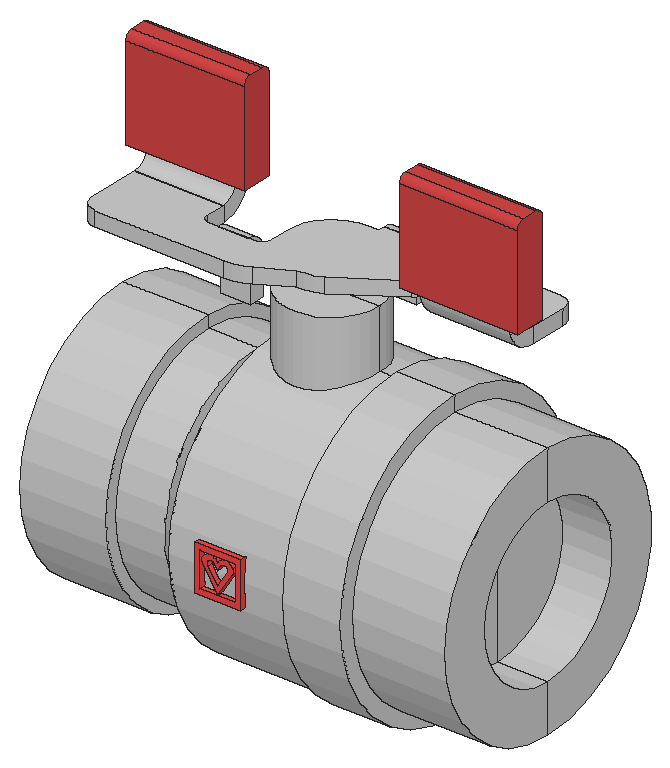
Revit family "HERZ Ball valve with T-handle (sheet steel) 2201", category Rohrzubehör, Revit 2020
Family settings
  Bemaßung runder Anschluss = Durchmesser verwenden
  Teiletyp = Unterbricht
  OmniClass-Nummer = 23.65.55.14
  OmniClass-Titel = Valves for Liquid Services
  Arbeitsebenenbasiert = Nein
  Immer vertikal = Ja
  Beim Laden mit Abzugskörper schneiden = Nein
  Gemeinsam genutzt = Nein
Parameters
  Weight [instance] = if(Nennweite = 15 mm, 0.17, if(Nennweite = 20 mm, 0.246, if(Nennweite = 25 mm, 0.458, if(Nennweite = 32 mm, 0.712, 0))))  # 0.712
  Vorgabe-Ansicht = 0 mm
  Spindle seals = "PTFE"  # constant formula
  Spindle = "machined brass according to EN 12164, CW614N"  # constant formula
  Part number [instance] = size_lookup("2201_3X_", "Artnr", 0, Nennweite)  # 1220134
  Min. operating temperature (water) = 0.5 °C  # constant formula
  Min. operating temperature = -30 °C  # constant formula
  Medium = "Heating water quality according to ÖNORM H5195 or VDI-Standard 2035.\r\nThe use of ethylene or propylene glycol in a mixing ratio 25- 50% is allowed."
  Max. operating temperature (water - no steam) = 110 °C  # constant formula
  Max. operating pressure (screw connection) = 1600000.0 Pa  # constant formula
  W01 = 135.00°  # constant formula
  URL = "www.herzvalves.com"
  SCRNSEQ = "ARM;ARM_TYP=\"ABVS\";2"
  SCRNCODE = "05;10;02"  # constant formula
  S02 [instance] = 2 * D01  # 51 mm
  S01 [instance] = L01 + L02 + L06  # 84.5 mm
  R01 [instance] = size_lookup("2201_3X_", "R1", 1 mm, Nennweite)  # 9.5 mm
  Nennweite [instance] = 32 mm
  Max. operating temperature = 150 °C  # constant formula
  Max. operating pressure = 2500000.0 Pa  # constant formula
  L06 [instance] = size_lookup("2201_3X_", "L6", 1 mm, Nennweite)  # 18.5 mm
  L05 [instance] = size_lookup("2201_3X_", "L5", 1 mm, Nennweite)  # 34.8 mm
  L04 [instance] = size_lookup("2201_3X_", "L4", 1 mm, Nennweite)  # 11.5 mm
  L03 [instance] = size_lookup("2201_3X_", "L3", 1 mm, Nennweite)  # 17 mm
  L02 [instance] = size_lookup("2201_3X_", "L2", 1 mm, Nennweite)  # 24.5 mm
  L01 [instance] = size_lookup("2201_3X_", "L1", 1 mm, Nennweite)  # 41.5 mm
  Internal threaded connectors = "according to ISO 228-1"  # constant formula
  IG [instance] = Nennweite / 2  # 16 mm
  Hersteller = "HERZ Armaturen Ges.m.b.H"  # constant formula
  Handle = "T-handle, red, sheet steel - plated"  # constant formula
  H01 [instance] = size_lookup("2201_3X_", "H1", 1 mm, Nennweite)  # 39 mm
  GT1 [instance] = size_lookup("2201_3X_", "GT1", 1 mm, Nennweite)  # 10 mm
  GT [instance] = size_lookup("2201_3X_", "GT", 1 mm, Nennweite)  # 16 mm
  Field of application = "HERZ ball valves have to be used as shut off elements.\r\nField of application are building services, such as heating or chilled water plants.\r\nBall valves are used wherever the medium flow has to be reliably closed.\r\nBall valve should not be used as regulating element so it has to be fully opened or fully closed (the handle should not be in intermediate position)."
  DN25-DN32 [instance] = if(Nennweite = 25 mm, 38 mm, 43 mm)  # 43 mm
  DN25+DN32 [instance] = or(Nennweite = 25 mm, Nennweite = 32 mm)  # yes
  DN15-DN20 [instance] = if(Nennweite = 15 mm, 28 mm, 31 mm)  # 31 mm
  DN15+DN20 [instance] = or(Nennweite = 15 mm, Nennweite = 20 mm)  # no
  D05 [instance] = size_lookup("2201_3X_", "D5", 1 mm, Nennweite)  # 25.55 mm
  D04 [instance] = size_lookup("2201_3X_", "D4", 1 mm, Nennweite)  # 27.5 mm
  D03 [instance] = size_lookup("2201_3X_", "D3", 1 mm, Nennweite)  # 28.5 mm
  D02 [instance] = size_lookup("2201_3X_", "D2", 1 mm, Nennweite)  # 23.2 mm
  D01 [instance] = size_lookup("2201_3X_", "D1", 1 mm, Nennweite)  # 25.5 mm
  Body = "forged brass according to EN 12165, nickel plated, CW617N"  # constant formula
  Ball seals = "PTFE"  # constant formula
  Ball = "forged brass according to EN 12165, hollow, full bore, hard chrome plated, CW617N"  # constant formula
  Application = "HERZ ball valve MODUL is designed for building services such as heating and chilled water plants.\r\nThe operating conditions (temperature, pressure) should be constant."
Reference planes
  plane 1 "Mitte (Vorne/hinten)": y = 0
  plane 2: z = 0
  plane 3 "Mitte (Links/rechts)": x = 0
Forms (mm)
  Revolve 1, solid, material "Messing, vernickelt", detail levels fine
    sketch origin (0, 0, 0) x (1, 0, 0) y (0, 0, 1)
      loop
        line (24.5, 25.55) -> (24.5, 28.5) -> (13, 28.5) -> (13, 27.5) -> (-10.3, 27.5) -> (-14.6, 23.2) -> (-24.5, 23.2) -> (-24.5, 25.5) -> (-41.5, 25.5) -> (-41.5, 16) -> (-25.5, 16) -> (-25.5, 0) -> (33, 0) -> (33, 16) -> (43, 16) -> (43, 25.55) -> (24.5, 25.55)
      axis (-41.5, 0) -> (43, 0)
    angle from 0 to 360
  Revolve 2, solid, material "Messing, vernickelt", detail levels fine
    sketch origin (0, 0, 0) x (1, 0, 0) y (0, 0, 1)
      loop
        line (0, 0) -> (5.522, 0) -> (5.522, 8.202) -> (9.5, 8.202) -> (9.5, 39) -> (0, 39) -> (0, 0)
      axis (0, 39) -> (0, 0)
    angle from 0 to 360
Lines and regions (mm)
  model lines, detail levels coarse+medium
    curve 1: line (-42.25, 25.5, 0) -> (-42.25, -25.5, 0)
    curve 2: line (-42.25, -25.5, 0) -> (42.25, 25.5, 0)
    curve 3: line (42.25, 25.5, 0) -> (42.25, -25.5, 0)
    curve 4: line (42.25, -25.5, 0) -> (-42.25, 25.5, 0)
    curve 5: circle (0, 0, 0) r 25.5 normal (0, 0, 1)
    curve 6: line (-25.25, 0, 25.5) -> (-25.25, 0, -25.5)
    curve 7: line (-25.25, 0, -25.5) -> (59.25, 0, 25.5)
    curve 8: line (59.25, 0, 25.5) -> (59.25, 0, -25.5)
    curve 9: line (59.25, 0, -25.5) -> (-25.25, 0, 25.5)
    curve 10: circle (0, 0, 0) r 25.5 normal (0, -1, 0)
Dimensions and locks
  "L01": Revolve 1 sketch curve to plane 3 "Mitte (Links/rechts)"
  "L02": Revolve 1 sketch curve to plane 3 "Mitte (Links/rechts)"
  "D01": Revolve 1 sketch curve to plane 2
  "D02": Revolve 1 sketch curve to plane 2
  "L03": Revolve 1 sketch curve to Revolve 1 sketch curve
  "GT": Revolve 1 sketch curve to Revolve 1 sketch curve
  "IG": Revolve 1 sketch curve to plane 2
  "R01": Revolve 2 sketch curve to plane 3 "Mitte (Links/rechts)"
  "H01": Revolve 2 sketch curve to plane 2
  "D03": Revolve 1 sketch curve to plane 2
  "D04": Revolve 1 sketch curve to plane 2
  "L04": Revolve 1 sketch curve to Revolve 1 sketch curve
  "L05": Revolve 1 sketch curve to Revolve 1 sketch curve
  "IG": Revolve 1 sketch curve to Revolve 1 sketch curve
  "GT1": Revolve 1 sketch curve to Revolve 1 sketch curve
  "L06": Revolve 1 sketch curve to Revolve 1 sketch curve
  "D05": Revolve 1 sketch curve to Revolve 1 sketch curve
  "D04": nested 1 to plane 1 "Mitte (Vorne/hinten)"
  equal spacing: curve 2, plane 1 "Mitte (Vorne/hinten)", curve 4
  equal spacing: curve 4, plane 1 "Mitte (Vorne/hinten)", curve 3
  "S02": curve 4 to curve 2
  "S02": curve 3 to curve 4
  equal spacing: curve 1, plane 3 "Mitte (Links/rechts)", curve 3
  "S01": curve 1 to curve 3
  "S02": curve 9 to curve 7
  equal spacing: curve 9, plane 2, curve 7
  equal spacing: curve 8, plane 2, curve 9
  "S02": curve 8 to curve 9
  curve 6 to curve 8 = 84.5 mm
  "S01": curve 6 to curve 8
  "DN15-DN20": nested 2 to plane 2
  "DN25-DN32": nested 3 to plane 2
  "S02": diameter of curve 5
  "S02": diameter of curve 10
  "W01": angle Revolve 1 sketch curve to Revolve 1 sketch curve
  aligned and locked: level to plane 2
Automatic sketch dimensions
  curve 10 to level = 0 mm
  curve 10 to plane 3 "Mitte (Links/rechts)" = 0 mm
  curve 6 to plane 3 "Mitte (Links/rechts)" = 25.25 mm
  plane 1 "Mitte (Vorne/hinten)" to curve 5 = 0 mm
  curve 5 to plane 3 "Mitte (Links/rechts)" = 0 mm
  Revolve 1 sketch curve to level = 0 mm  (x2)
  Revolve 1 sketch curve to Revolve 1 sketch curve = 1481.63 mm
  Revolve 1 sketch curve to Revolve 1 sketch curve = 1814.648 mm
  Revolve 2 sketch curve to level = 0 mm
  Revolve 2 sketch curve to plane 3 "Mitte (Links/rechts)" = 0 mm  (x2)
  plane 3 "Mitte (Links/rechts)" to Revolve 2 sketch curve = 5.522 mm
  level to Revolve 2 sketch curve = 8.202 mm
  Revolve 2 sketch curve to Revolve 2 sketch curve = 366.045 mm
  Revolve 2 sketch curve to Revolve 2 sketch curve = 2190.315 mm
Nested families
  nested 1: "Herz-Logo-vorne" at (0, -27.5, 0) x (0, 1, 0) z (0, 0, 1), type "Herz-Logo-vorne", detail levels fine
  nested 2: "Knebelgriff (Blech) DN15-DN20" at (0, 0, 31), visible <- "DN15+DN20", type "Knebelgriff (Blech) DN15-DN20"
  nested 3: "Knebelgriff (Blech) DN25-DN32" at (0, 0, 43), visible <- "DN25+DN32", type "Knebelgriff (Blech) DN25-DN32"
Connectors
  piping at (6.5, 0, 0), diameter 32, driven by "Nennweite"
    settings: on Revolve 1, index 1, connector inside diameter 609.6 mm, connector length 0 mm, flow factor 0, pipe flow 0.0 L/s, pressure drop 0.0 Pa, fitting loss kfactor 0, connector angle 0.00°, fixture units 0, engagement length 0 mm, angle of deflection 0.00°, flow configuration 0, flow direction 0, fitting loss method 0, system type 7, joint type 0, gender type 0, connector reference index -1, connector utility 0, adjustable connector no, is connector primary yes, connector description ""
  piping at (-25.5, 0, 0), diameter 32, driven by "Nennweite"
    settings: on Revolve 1, index 2, connector inside diameter 609.6 mm, connector length 0 mm, flow factor 0, pipe flow 0.0 L/s, pressure drop 0.0 Pa, fitting loss kfactor 0, connector angle 0.00°, fixture units 0, engagement length 0 mm, angle of deflection 0.00°, flow configuration 0, flow direction 0, fitting loss method 0, system type 7, joint type 0, gender type 0, connector reference index -1, connector utility 0, adjustable connector no, is connector primary no, connector description ""
Definition of nested family "Herz-Logo-vorne"
  Parameters (values of type "Herz-Logo-vorne")
    Default Elevation = 0 mm
  Reference planes
    plane 1 "Mitte (Vorne/hinten)": y = 0
    plane 2: z = 0
    plane 3 "Mitte (Links/rechts)": x = 0
  Forms (mm)
    Extrusion 1, solid
      sketch origin (0.732, -0.018, 0.017) x (0, -1, 0) y (0, 0, 1)
        loop
          line (-0.018, -4.517) -> (4.482, -4.517) -> (4.482, 4.483) -> (-4.518, 4.483) -> (-4.518, -4.517) -> (-0.018, -4.517)
        loop
          line (-0.05, -3.48) -> (3.482, -3.48) -> (3.482, 3.483) -> (-3.518, 3.483) -> (-3.518, -3.48) -> (-0.05, -3.48)
        loop
          arc (-0.018, 2.383) -> (-1.543, 3.287) -> (-3.067, 2.383) r 1.738
          arc (-3.067, 2.383) -> (-3.191, 1.899) -> (-3.067, 1.415) r 1.009
          line (-3.067, 1.415) -> (-0.018, -3.281) -> (3.032, 1.415)
          arc (3.032, 1.415) -> (3.156, 1.899) -> (3.032, 2.383) r 1.009
          arc (3.032, 2.383) -> (1.507, 3.287) -> (-0.018, 2.383) r 1.738
        loop
          arc (1.885, 1.272) -> (2.005, 1.675) -> (1.885, 2.079) r 0.74
          arc (1.885, 2.079) -> (1.265, 2.416) -> (0.644, 2.079) r 0.74
          line (0.644, 2.079) -> (-0.018, 0.97) -> (-0.679, 2.079)
          arc (-0.679, 2.079) -> (-1.3, 2.416) -> (-1.921, 2.079) r 0.74
          arc (-1.921, 2.079) -> (-2.04, 1.675) -> (-1.921, 1.272) r 0.74
          line (-1.921, 1.272) -> (-0.018, -1.658) -> (1.885, 1.272)
      from 0 to 1.5
  Dimensions and locks
    aligned and locked: level to plane 2
Definition of nested family "Knebelgriff (Blech) DN15-DN20"
  Parameters (values of type "Knebelgriff (Blech) DN15-DN20")
    Default Elevation = 0 mm
  Reference planes
    plane 1 "Mitte (Vorne/hinten)": y = 0
    plane 2: z = 0
    plane 3 "Mitte (Links/rechts)": x = 0
  Forms (mm)
    Extrusion 1, solid, detail levels fine
      sketch origin (0, 0, 0) x (1, 0, 0) y (0, 1, 0)
        loop
          line (-7, 0) -> (-7, -3.8)
          arc (-7, -3.8) -> (-7.439, -4.861) -> (-8.5, -5.3) r 1.5
          line (-8.5, -5.3) -> (-14.5, -5.3)
          arc (-14.5, -5.3) -> (-15.561, -4.861) -> (-16, -3.8) r 1.5
          line (-16, -3.8) -> (-16, 0) -> (-28, 0) -> (-28, -8.1)
          arc (-28, -8.1) -> (-27.121, -10.221) -> (-25, -11.1) r 3
          line (-25, -11.1) -> (-3.453, -11.1)
          arc (-3.453, -11.1) -> (-2.496, -10.91) -> (-1.685, -10.368) r 2.5
          line (-1.685, -10.368) -> (4.443, -4.24)
          arc (4.443, -4.24) -> (5.743, -2.295) -> (6.2, 0) r 6
          arc (6.2, 0) -> (6.64, 1.06) -> (7.7, 1.499) r 1.5
          line (7.7, 1.499) -> (15.1, 1.499)
          arc (15.1, 1.499) -> (16.16, 1.06) -> (16.6, 0) r 1.5
          line (16.6, 0) -> (28.6, 0) -> (28.6, 4)
          arc (28.6, 4) -> (27.721, 6.121) -> (25.6, 7) r 3
          line (25.6, 7) -> (0, 7)
          arc (0, 7) -> (-4.95, 4.95) -> (-7, 0) r 7
      from 0 to 2.5
    Extrusion 2, solid, detail levels fine
      sketch origin (0, 0, 0) x (0, 1, 0) y (0, 0, 1)
        loop
          arc (2.5, 5) -> (1.768, 3.232) -> (0, 2.5) r 2.5
          line (0, 2.5) -> (0, 0)
          arc (0, 0) -> (3.536, 1.464) -> (5, 5) r 5
          line (5, 5) -> (5, 6) -> (2.5, 6) -> (2.5, 5)
      from -28 to -16
    Extrusion 3, solid, detail levels fine
      sketch origin (0, 5.3, 0) x (0, 1, 0) y (0, 0, 1)
        loop
          line (-7.8, 5) -> (-7.8, 6) -> (-10.3, 6) -> (-10.3, 5)
          arc (-10.3, 5) -> (-8.836, 1.464) -> (-5.3, 0) r 5
          line (-5.3, 0) -> (-5.3, 2.5)
          arc (-5.3, 2.5) -> (-7.068, 3.232) -> (-7.8, 5) r 2.5
      from 16.6 to 28.6
    Extrusion 4, solid, detail levels fine
      sketch origin (0, 0, 0) x (0, 1, 0) y (0, 0, 1)
        loop
          line (5.75, 6) -> (5.75, 17.041)
          arc (5.75, 17.041) -> (5.469, 17.719) -> (4.791, 18) r 0.959
          line (4.791, 18) -> (2.773, 18)
          arc (2.773, 18) -> (2.05, 17.7) -> (1.75, 16.977) r 1.023
          line (1.75, 16.977) -> (1.75, 6) -> (5.75, 6)
      from -29.7 to -14.3
    Extrusion 5, solid, detail levels fine
      sketch origin (0, 0, 0) x (0, 1, 0) y (0, 0, 1)
        loop
          line (-5.75, 6) -> (-1.75, 6) -> (-1.75, 17)
          arc (-1.75, 17) -> (-2.043, 17.707) -> (-2.75, 18) r 1
          line (-2.75, 18) -> (-4.75, 18)
          arc (-4.75, 18) -> (-5.457, 17.707) -> (-5.75, 17) r 1
          line (-5.75, 17) -> (-5.75, 6)
      from 30.3 to 14.9
    Extrusion 6, solid, detail levels fine
      sketch origin (0, 0, 0) x (0, 1, 0) y (0, 0, 1)
        loop
          line (9, -2) -> (9, -8) -> (11.5, -8) -> (11.5, -2)
          arc (11.5, -2) -> (10.182, 1.182) -> (7, 2.5) r 4.5
          line (7, 2.5) -> (7, 0)
          arc (7, 0) -> (8.414, -0.586) -> (9, -2) r 2
      from 8.1 to 2.1
    Extrusion 7, solid, detail levels fine
      sketch origin (0, 0, 0) x (0, 1, 0) y (0, 0, 1)
        loop
          line (-4.3, -1) -> (-4.3, -8) -> (-1.8, -8) -> (-1.8, -1)
          arc (-1.8, -1) -> (-2.825, 1.475) -> (-5.3, 2.5) r 3.5
          line (-5.3, 2.5) -> (-5.3, 0)
          arc (-5.3, 0) -> (-4.593, -0.293) -> (-4.3, -1) r 1
      from -14.5 to -8.5
  Dimensions and locks
    aligned and locked: level to plane 2
Definition of nested family "Knebelgriff (Blech) DN25-DN32"
  Parameters (values of type "Knebelgriff (Blech) DN25-DN32")
    Default Elevation = 0 mm
  Reference planes
    plane 1 "Mitte (Vorne/hinten)": y = 0
    plane 2: z = 0
    plane 3 "Mitte (Links/rechts)": x = 0
  Forms (mm)
    Extrusion 1, solid, detail levels fine
      sketch origin (0, 0, 0) x (1, 0, 0) y (0, 1, 0)
        loop
          arc (0, 9) -> (-6.364, 6.364) -> (-9, 0) r 9
          line (-9, 0) -> (-9, -4.1)
          arc (-9, -4.1) -> (-9.439, -5.161) -> (-10.5, -5.6) r 1.5
          line (-10.5, -5.6) -> (-20, -5.6)
          arc (-20, -5.6) -> (-21.061, -5.161) -> (-21.5, -4.1) r 1.5
          line (-21.5, -4.1) -> (-21.5, 0) -> (-39.1, 0) -> (-39.1, -10.6)
          arc (-39.1, -10.6) -> (-38.221, -12.721) -> (-36.1, -13.6) r 3
          line (-36.1, -13.6) -> (-10.5, -13.6)
          arc (-10.5, -13.6) -> (-8.037, -13.275) -> (-5.742, -12.323) r 9.5
          line (-5.742, -12.323) -> (0, -9)
          arc (0, -9) -> (2.463, -8.675) -> (4.758, -7.723) r 9.5
          line (4.758, -7.723) -> (16.029, -0.25)
          arc (16.029, -0.25) -> (16.522, 0.291) -> (16.7, 1) r 1.5
          arc (16.7, 1) -> (17.139, 2.061) -> (18.2, 2.5) r 1.5
          line (18.2, 2.5) -> (20.9, 2.5)
          arc (20.9, 2.5) -> (21.961, 2.061) -> (22.4, 1) r 1.5
          line (22.4, 1) -> (22.4, 0) -> (40, 0) -> (40, 7.5)
          arc (40, 7.5) -> (39.121, 9.621) -> (37, 10.5) r 3
          line (37, 10.5) -> (2.1, 10.5) -> (2.1, 9) -> (0, 9)
      from 0 to 3
    Extrusion 2, solid, detail levels fine
      sketch origin (0, 0, 0) x (0, 1, 0) y (0, 0, 1)
        loop
          arc (3, 6) -> (2.121, 3.879) -> (0, 3) r 3
          line (0, 3) -> (0, 0)
          arc (0, 0) -> (4.243, 1.757) -> (6, 6) r 6
          line (6, 6) -> (3, 6)
      from -39.1 to -21.5
    Extrusion 3, solid, detail levels fine
      sketch origin (0, 0, 0) x (0, 1, 0) y (0, 0, 1)
        loop
          arc (0, 3) -> (-2.121, 3.879) -> (-3, 6) r 3
          line (-3, 6) -> (-6, 6)
          arc (-6, 6) -> (-4.243, 1.757) -> (0, 0) r 6
          line (0, 0) -> (0, 3)
      from 22.4 to 40
    Extrusion 4, solid, detail levels fine
      sketch origin (0, 0, 0) x (0, 1, 0) y (0, 0, 1)
        loop
          line (7.5, 6) -> (7.5, 24.5)
          arc (7.5, 24.5) -> (7.061, 25.561) -> (6, 26) r 1.5
          line (6, 26) -> (3, 26)
          arc (3, 26) -> (1.939, 25.561) -> (1.5, 24.5) r 1.5
          line (1.5, 24.5) -> (1.5, 6) -> (7.5, 6)
      from -42.05 to -18.55
    Extrusion 5, solid, detail levels fine
      sketch origin (0, 0, 0) x (0, 1, 0) y (0, 0, 1)
        loop
          line (-7.5, 6) -> (-1.5, 6) -> (-1.5, 24.5)
          arc (-1.5, 24.5) -> (-1.939, 25.561) -> (-3, 26) r 1.5
          line (-3, 26) -> (-6, 26)
          arc (-6, 26) -> (-7.061, 25.561) -> (-7.5, 24.5) r 1.5
          line (-7.5, 24.5) -> (-7.5, 6)
      from 19.45 to 42.95
    Extrusion 6, solid, detail levels fine
      sketch origin (0, 0, 0) x (0, 1, 0) y (0, 0, 1)
        loop
          arc (14, -0.5) -> (12.975, 1.975) -> (10.5, 3) r 3.5
          line (10.5, 3) -> (10.5, 0)
          arc (10.5, 0) -> (10.854, -0.146) -> (11, -0.5) r 0.5
          line (11, -0.5) -> (11, -9) -> (14, -9) -> (14, -0.5)
      from 2.1 to 8.1
    Extrusion 7, solid, detail levels fine
      sketch origin (0, -16.1, 0) x (0, 1, 0) y (0, 0, 1)
        loop
          arc (14, -0.5) -> (12.975, 1.975) -> (10.5, 3) r 3.5
          line (10.5, 3) -> (10.5, 0)
          arc (10.5, 0) -> (10.854, -0.146) -> (11, -0.5) r 0.5
          line (11, -0.5) -> (11, -9) -> (14, -9) -> (14, -0.5)
      from -12 to -18
  Dimensions and locks
    aligned and locked: level to plane 2
